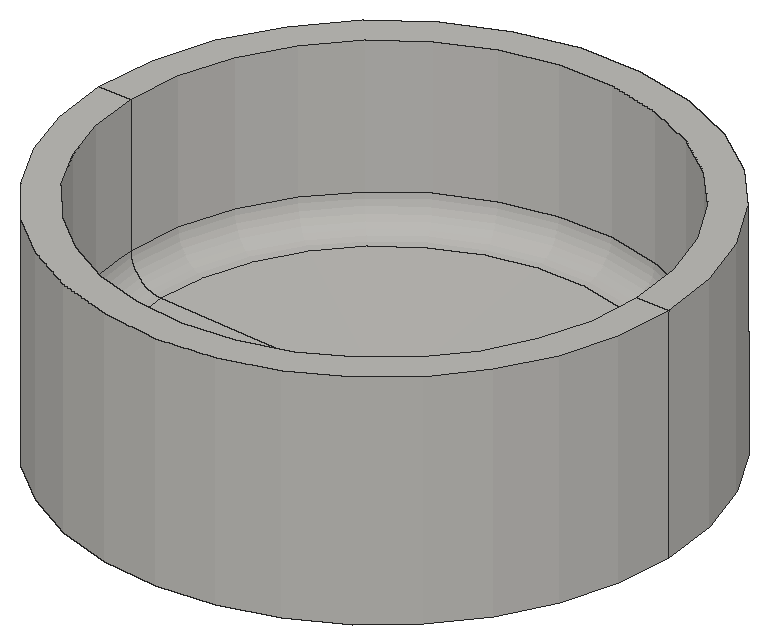
Revit family "ALMA-TEZBLK03-Menzil_Terrazzo_Basin", category Generic Models, host Face, Revit 2026
Family settings
  Host = Face
  Can host rebar = No
  Round Connector Dimension = Use Diameter
  Part Type = Normal
  Cut with Voids When Loaded = No
  Maintain Annotation Orientation = No
  Shared = No
  Room Calculation Point = No
Parameters
  Width = 360 mm
  Height = 140 mm
  Default Elevation = 1219.2 mm
  Basin_Material = BM_MENZIL TERRAZZO
Reference planes
  plane 1 "Center (Front/Back)": y = 0
  plane 2: z = 0
  plane 3 "Center (Left/Right)": x = 0
  plane 4: x = 180
  plane 5: x = -180
  plane 6: x = 160
  plane 7: x = -160
  plane 8: y = 180
  plane 9: y = -180
  plane 10: y = 160
  plane 11: y = -160
  plane 12: x = -35
  plane 13: x = 35
  plane 14: x = 22.5
  plane 15: x = -22.5
  plane 16: z = 140
  plane 17: y = 35
  plane 18: y = 22.5
  plane 19: y = -22.5
  plane 20: y = -35
Forms (mm)
  Revolve 1, solid, material "BM_MENZIL TERRAZZO" <- "Basin_Material"
    sketch origin (0, 0, 0) x (1, 0, 0) y (0, 0, 1)
      loop
        line (-180, 0) -> (-22.5, 0) -> (-22.5, 10)
        arc (-22.5, 10) -> (-30.018, 14.935) -> (-33.805, 23.092) r 16.408
        line (-33.805, 23.092) -> (-35, 30.635) -> (-140.698, 34.326)
        arc (-140.698, 34.326) -> (-154.387, 40.421) -> (-160, 54.314) r 20
        line (-160, 54.314) -> (-160, 140) -> (-180, 140) -> (-180, 0)
      axis (0, 0) -> (0, 140)
    angle from 0 to 360
Text (mm)
  text "Refer to www.buildmat.com.au for the most current product literature. \nAllow a +/- 5mm tolerance for dimensions shown in the product literature. \nPlease note product details are subject to change due to ongoing product development." at (9, -1305.742, 0), in view "Ref. Level"
Dimensions and locks
  "Width": plane 5 to plane 4
  equal spacing: plane 5, plane 3 "Center (Left/Right)", plane 4
  "Width": plane 9 to plane 8
  equal spacing: plane 9, plane 1 "Center (Front/Back)", plane 8
  plane 6 to plane 4 = 20 mm
  plane 20 to plane 17 = 70 mm
  plane 19 to plane 18 = 45 mm
  "Height": plane 16 to host face
  aligned and locked: plane 2 to host face
  aligned and locked: level to host face
Automatic sketch dimensions
  host sketch curve to host sketch curve = 2438.4 mm  (x2)
  plane 5 to Revolve 1 sketch curve = 0 mm
  plane 7 to Revolve 1 sketch curve = 0 mm
  Revolve 1 sketch curve to plane 12 = 0 mm
  Revolve 1 sketch curve to level = 0 mm  (x2)
  Revolve 1 sketch curve to plane 15 = 0 mm
  Revolve 1 sketch curve to plane 3 "Center (Left/Right)" = 0 mm
  Revolve 1 sketch curve to plane 16 = 0 mm  (x2)
  Revolve 1 sketch curve to plane 7 = 19.302 mm
  Revolve 1 sketch curve to Revolve 1 sketch curve = 0.698 mm
  plane 12 to Revolve 1 sketch curve = 1.195 mm
  plane 15 to Revolve 1 sketch curve = 4.9 mm
  Revolve 1 sketch curve to Revolve 1 sketch curve = 10 mm
  Revolve 1 sketch curve to Revolve 1 sketch curve = 13.092 mm
  Revolve 1 sketch curve to Revolve 1 sketch curve = 7.543 mm
  level to Revolve 1 sketch curve = 34.326 mm
